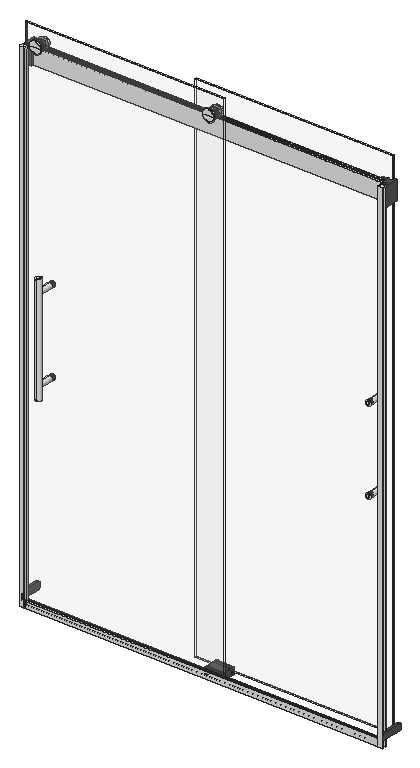
Revit family "Shower-Shower_Door-KOHLER-Levity_Plus-K-702429_1", category Specialty Equipment, host Face, Revit 2022 (continued)
Definition of nested family "K-702429"
  Lines and regions (in)
    symbolic lines, detail levels medium+fine
      curve 216: line (21.23835, 2.11583, 32.52758) -> (21.23835, 2.11583, 33.32571)
      curve 217: line (21.23835, 2.14982, 45.56157) -> (21.23835, 2.14982, 46.29173)
      curve 218: line (21.23835, 2.11583, 45.52758) -> (21.23835, 2.11583, 46.32571)
      curve 219: line (21.23835, 2.46732, 0.70459) -> (21.23835, 2.46732, 1.05663)
      curve 220: line (21.23835, 2.21232, 0.70459) -> (21.23835, 2.21232, 1.05663)
      curve 221: line (21.23835, 0.64469, 0.72015) -> (21.23835, 0.64469, 1.05663)
      curve 222: line (21.23835, 0.38969, 0.72015) -> (21.23835, 0.38969, 1.05663)
      curve 223: line (21.23835, 0.32797, 0.72015) -> (21.23835, 0.32797, 1.05663)
      curve 224: line (21.23835, 2.21232, 78.36942) -> (21.23835, 2.21232, 81.61417)
      curve 225: line (21.23835, 0.32719, 79.48112) -> (21.23835, 0.32719, 78.40592)
      curve 226: line (21.23835, 0.64469, 78.36942) -> (21.23835, 0.64469, 81.61417)
      curve 227: line (21.23835, 0.38969, 78.36942) -> (21.23835, 0.38969, 81.61417)
      curve 228: line (21.23835, 0.64469, 2.13263) -> (21.23835, 0.64469, 75.39408)
      curve 229: line (21.23835, 0.38969, 2.13263) -> (21.23835, 0.38969, 75.39335)
      curve 230: line (21.23835, 0.32797, 2.13263) -> (21.23835, 0.32797, 75.39553)
      curve 231: line (21.23835, 2.46732, 2.13263) -> (21.23835, 2.46732, 81.61417)
      curve 232: line (21.23835, 2.21232, 2.13263) -> (21.23835, 2.21232, 75.38594)
  Dimensions and locks (in)
    "Walk Thru": plane 7 to plane 3 "Center (Left/Right)"
    locked: plane 8 to plane 7 at 0.77715
    plane 3 "Center (Left/Right)" to plane 6 = 31.3134"
    "Width": plane 8 to plane 6
    locked: plane 7 to plane 9 "E" at 3.28921
    locked: plane 17 "C" to plane 9 "E" at 1.75
    locked: plane 8 to plane 19 at 0.34046
    locked: plane 18 "D" to plane 9 "E" at 25.2506
    plane 20 "AB" to level = 77.55906"
    plane 1 "Center (Front/Back)" to plane 21 = 4.98031"
    plane 21 to plane 22 = 0.4252"
    plane 21 to plane 13 = 7.08661"
    plane 13 to plane 16 = 0.43307"
    plane 23 to level = 81.61417"
    locked: plane 5 to plane 15 at 2.02611
    locked: plane 5 to plane 4 at 17.00787
    locked: plane 14 to plane 4 at 1.98177
    plane 4 to level = 30.94488"
    plane 25 to level = 75.66929"
    plane 26 to plane 25 = 2.55906"
    aligned and locked: plane 2 to level
    aligned and locked: plane 7 to Extrusion 5
    aligned and locked: plane 7 to Extrusion 8
    aligned and locked: plane 8 to Extrusion 18 sketch curve
    aligned and locked: plane 8 to Extrusion 19
    aligned and locked: plane 19 to Extrusion 19
    aligned and locked: plane 7 to Extrusion 20 sketch curve
    aligned and locked: plane 8 to Extrusion 20 sketch curve
    aligned and locked: plane 19 to Extrusion 22 sketch curve
    aligned and locked: Extrusion 10 to Masking region 1 sketch curve
    aligned and locked: Masking region 2 sketch curve to plane 8
    aligned and locked: Masking region 2 sketch curve to plane 7
    aligned and locked: plane 8 to Masking region 3 sketch curve
    aligned and locked: Extrusion 10 to Masking region 3 sketch curve  (x2)
    aligned and locked: Revolve 13 to Masking region 4 sketch curve
    aligned and locked: plane 19 to Masking region 4 sketch curve
    aligned and locked: plane 7 to Extrusion 31
    aligned and locked: Masking region 3 to curve 206
    aligned and locked: Masking region 3 to curve 207
    aligned and locked: Masking region 3 to curve 179
    aligned and locked: Masking region 4 sketch curve to Extrusion 22
    aligned and locked: Masking region 4 to curve 191
    aligned and locked: curve 191 to Masking region 4
    aligned and locked: curve 196 to Masking region 4
    aligned and locked: Masking region 4 to curve 196
    aligned and locked: Masking region 4 to curve 195  (x2)
    aligned and locked: Masking region 4 to curve 201
    aligned and locked: curve 201 to Masking region 4
    aligned and locked: curve 194 to Masking region 4
    aligned and locked: Masking region 4 to curve 194
  Automatic sketch dimensions
    Extrusion 1 sketch curve to plane 6 = 0"
    Extrusion 1 sketch curve to Extrusion 1 sketch curve = 0.03079"
    plane 6 to Extrusion 1 sketch curve = 0.0315"
    Extrusion 1 sketch curve to Extrusion 1 sketch curve = 0.2541"
    Extrusion 1 sketch curve to Extrusion 1 sketch curve = 0.25668"
    plane 6 to Extrusion 1 sketch curve = 81/256"
    Extrusion 1 sketch curve to Extrusion 1 sketch curve = 0.0315"  (x2)
    Extrusion 1 sketch curve to Extrusion 1 sketch curve = 0.60218"
    Extrusion 1 sketch curve to Extrusion 1 sketch curve = 0.03039"
    Extrusion 1 sketch curve to plane 1 "Center (Front/Back)" = 0.35413"
    Extrusion 1 sketch curve to Extrusion 1 sketch curve = 0.47171"
    Extrusion 1 sketch curve to Extrusion 1 sketch curve = 1.10192"
    Extrusion 1 sketch curve to Extrusion 1 sketch curve = 0.00743"
    Extrusion 1 sketch curve to Extrusion 1 sketch curve = 0.34229"
    Extrusion 2 sketch curve to plane 6 = 0"  (x2)
    plane 1 "Center (Front/Back)" to Extrusion 2 sketch curve = 0"  (x2)
    plane 6 to Extrusion 2 sketch curve = 0.05752"  (x2)
    plane 6 to Extrusion 2 sketch curve = 0.18908"
    Extrusion 2 sketch curve to Extrusion 2 sketch curve = 0.04131"
    Extrusion 2 sketch curve to Extrusion 2 sketch curve = 0.09136"
    Extrusion 2 sketch curve to Extrusion 2 sketch curve = 0.19461"  (x2)
    Extrusion 2 sketch curve to Extrusion 2 sketch curve = 0.14115"  (x2)
    plane 1 "Center (Front/Back)" to Extrusion 2 sketch curve = 0.32797"
    Extrusion 2 sketch curve to Extrusion 2 sketch curve = 0.00361"  (x2)
    Extrusion 2 sketch curve to Extrusion 2 sketch curve = 0.10339"
    plane 1 "Center (Front/Back)" to Extrusion 2 sketch curve = 0.30702"
    Extrusion 2 sketch curve to Extrusion 2 sketch curve = 0.03454"  (x2)
    Extrusion 2 sketch curve to Extrusion 2 sketch curve = 0.01994"  (x2)
    Extrusion 2 sketch curve to Extrusion 2 sketch curve = 0.04271"  (x2)
    Extrusion 2 sketch curve to Extrusion 2 sketch curve = 0.06265"
    Extrusion 2 sketch curve to plane 1 "Center (Front/Back)" = 0.20982"
    Extrusion 2 sketch curve to Extrusion 2 sketch curve = 0"
    Extrusion 2 sketch curve to plane 1 "Center (Front/Back)" = 0.22464"
    Extrusion 3 sketch curve to plane 6 = 0"
    Extrusion 3 sketch curve to Extrusion 3 sketch curve = 0.05752"  (x2)
    plane 1 "Center (Front/Back)" to Extrusion 3 sketch curve = 0.32797"
    Extrusion 3 sketch curve to Extrusion 3 sketch curve = 0.59999"  (x2)
    Extrusion 3 sketch curve to Extrusion 3 sketch curve = 0.00361"  (x2)
    Extrusion 3 sketch curve to Extrusion 3 sketch curve = 0.10339"
    plane 1 "Center (Front/Back)" to Extrusion 3 sketch curve = 0.30702"
    Extrusion 3 sketch curve to Extrusion 3 sketch curve = 0.05449"  (x2)
    Extrusion 3 sketch curve to plane 1 "Center (Front/Back)" = 0.22464"
    Extrusion 3 sketch curve to plane 1 "Center (Front/Back)" = 0.25253"
    plane 1 "Center (Front/Back)" to Extrusion 4 sketch curve = 0.20982"
    Extrusion 4 sketch curve to Extrusion 4 sketch curve = 0.01972"
    Extrusion 4 sketch curve to Extrusion 4 sketch curve = 0.25882"
    level to Extrusion 4 sketch curve = 1.05663"
    Extrusion 4 sketch curve to Extrusion 4 sketch curve = 0.57809"
    Extrusion 5 sketch curve to level = 0"
    Extrusion 5 sketch curve to plane 1 "Center (Front/Back)" = 0"
    plane 1 "Center (Front/Back)" to Extrusion 5 sketch curve = 0.19878"
    Extrusion 5 sketch curve to plane 1 "Center (Front/Back)" = 3/128"
    Extrusion 5 sketch curve to Extrusion 5 sketch curve = 0.04434"
    Extrusion 5 sketch curve to Extrusion 5 sketch curve = 0.04019"
    Extrusion 5 sketch curve to Extrusion 5 sketch curve = 0.07819"
    Extrusion 5 sketch curve to Extrusion 5 sketch curve = 0.0297"
    Extrusion 5 sketch curve to Extrusion 5 sketch curve = 0.02696"
    level to Extrusion 5 sketch curve = 0.07959"
    Extrusion 5 sketch curve to plane 1 "Center (Front/Back)" = 0.14319"
    Extrusion 5 sketch curve to Extrusion 5 sketch curve = 0.05652"
    Extrusion 5 sketch curve to Extrusion 5 sketch curve = 0.06857"
    Extrusion 5 sketch curve to Extrusion 5 sketch curve = 0.02971"
    Extrusion 5 sketch curve to Extrusion 5 sketch curve = 0.03753"
    Extrusion 5 sketch curve to Extrusion 5 sketch curve = 0.02998"
    Extrusion 5 sketch curve to Extrusion 5 sketch curve = 45/128"
    Extrusion 5 sketch curve to Extrusion 5 sketch curve = 0.34333"
    Extrusion 5 sketch curve to Extrusion 5 sketch curve = 0.07224"
    Extrusion 5 sketch curve to Extrusion 5 sketch curve = 0.01101"
    Extrusion 5 sketch curve to Extrusion 5 sketch curve = 15/128"
    Extrusion 5 sketch curve to Extrusion 5 sketch curve = 0.50603"
    Extrusion 5 sketch curve to Extrusion 5 sketch curve = 0.00157"
    Extrusion 5 sketch curve to Extrusion 5 sketch curve = 0.02425"
    Extrusion 5 sketch curve to Extrusion 5 sketch curve = 0.01999"
    Extrusion 5 sketch curve to Extrusion 5 sketch curve = 0.04542"
    Extrusion 5 sketch curve to Extrusion 5 sketch curve = 0.01816"
    Revolve 6 sketch curve to plane 12 = 0"  (x2)
    Revolve 6 sketch curve to plane 1 "Center (Front/Back)" = 1.79905"
    Revolve 6 sketch curve to Revolve 6 sketch curve = 0.36643"
    Revolve 6 sketch curve to Revolve 6 sketch curve = 0.18701"  (x2)
    Revolve 6 sketch curve to Revolve 6 sketch curve = 0.13646"
    Revolve 6 sketch curve to Revolve 6 sketch curve = 0.19685"  (x2)
    Revolve 6 sketch curve to Revolve 6 sketch curve = 0.35769"
    Revolve 6 sketch curve to plane 1 "Center (Front/Back)" = 0.06827"
    Revolve 6 sketch curve to plane 1 "Center (Front/Back)" = 0.02811"
    plane 1 "Center (Front/Back)" to Revolve 6 sketch curve = 0.09751"
    Revolve 6 sketch curve to Revolve 6 sketch curve = 0.04293"
    plane 12 to Revolve 6 sketch curve = 0.4638"
    plane 12 to Revolve 6 sketch curve = 0.47661"
    Revolve 6 sketch curve to Revolve 6 sketch curve = 0.05951"
    Revolve 6 sketch curve to Revolve 6 sketch curve = 0.21742"
    Revolve 6 sketch curve to Revolve 6 sketch curve = 0.26917"
    Revolve 6 sketch curve to Revolve 6 sketch curve = 0.05219"
    Revolve 6 sketch curve to Revolve 6 sketch curve = 0.23207"
    Revolve 6 sketch curve to Revolve 6 sketch curve = 0.00276"
    Revolve 6 sketch curve to Revolve 6 sketch curve = 0.04017"
    Revolve 6 sketch curve to Revolve 6 sketch curve = 0.98425"
    Revolve 6 sketch curve to Revolve 6 sketch curve = 0"
    Revolve 7 sketch curve to plane 11 = 0"  (x2)
    Revolve 7 sketch curve to plane 1 "Center (Front/Back)" = 1.79905"
    Revolve 7 sketch curve to Revolve 7 sketch curve = 0.36643"
    Revolve 7 sketch curve to Revolve 7 sketch curve = 0.18701"  (x2)
    Revolve 7 sketch curve to Revolve 7 sketch curve = 0.13646"
    Revolve 7 sketch curve to Revolve 7 sketch curve = 0.19685"  (x2)
    Revolve 7 sketch curve to Revolve 7 sketch curve = 0.35769"
    Revolve 7 sketch curve to plane 1 "Center (Front/Back)" = 0.06827"
    Revolve 7 sketch curve to plane 1 "Center (Front/Back)" = 0.02811"
    plane 1 "Center (Front/Back)" to Revolve 7 sketch curve = 0.09751"
    Revolve 7 sketch curve to Revolve 7 sketch curve = 0.04293"
    plane 11 to Revolve 7 sketch curve = 0.4638"
    plane 11 to Revolve 7 sketch curve = 0.47661"
    Revolve 7 sketch curve to Revolve 7 sketch curve = 0.05951"
    Revolve 7 sketch curve to Revolve 7 sketch curve = 0.21742"
    Revolve 7 sketch curve to Revolve 7 sketch curve = 0.26917"
    Revolve 7 sketch curve to Revolve 7 sketch curve = 0.05219"
    Revolve 7 sketch curve to Revolve 7 sketch curve = 0.23207"
    Revolve 7 sketch curve to Revolve 7 sketch curve = 0.00276"
    Revolve 7 sketch curve to Revolve 7 sketch curve = 0.04017"
    Revolve 7 sketch curve to Revolve 7 sketch curve = 0.98425"
    Revolve 7 sketch curve to Revolve 7 sketch curve = 0"
    Extrusion 8 sketch curve to plane 1 "Center (Front/Back)" = 0.97838"
    Extrusion 8 sketch curve to Extrusion 8 sketch curve = 0.04771"
    Extrusion 8 sketch curve to Extrusion 8 sketch curve = 0.19946"
    Extrusion 8 sketch curve to Extrusion 8 sketch curve = 0.06749"
    Extrusion 8 sketch curve to Extrusion 8 sketch curve = 0.07625"
    Extrusion 8 sketch curve to Extrusion 8 sketch curve = 0.10945"
    Extrusion 8 sketch curve to Extrusion 8 sketch curve = 0.00724"
    Extrusion 8 sketch curve to Extrusion 8 sketch curve = 0.01781"
    Extrusion 8 sketch curve to Extrusion 8 sketch curve = 0.07472"
    Extrusion 8 sketch curve to Extrusion 8 sketch curve = 0.26709"
    Extrusion 8 sketch curve to Extrusion 8 sketch curve = 0.25238"
    Extrusion 8 sketch curve to Extrusion 8 sketch curve = 0.11432"
    Extrusion 8 sketch curve to Extrusion 8 sketch curve = 0.167"
    Extrusion 8 sketch curve to Extrusion 8 sketch curve = 0.38221"
    Extrusion 8 sketch curve to Extrusion 8 sketch curve = 0.02708"
    Extrusion 8 sketch curve to Extrusion 8 sketch curve = 0.03426"
    Extrusion 8 sketch curve to Extrusion 8 sketch curve = 0.04358"
    Extrusion 8 sketch curve to Extrusion 8 sketch curve = 0.05805"
    Extrusion 8 sketch curve to Extrusion 8 sketch curve = 0.04965"
    Extrusion 8 sketch curve to Extrusion 8 sketch curve = 0.03062"
    Extrusion 8 sketch curve to Extrusion 8 sketch curve = 0.27127"
    Extrusion 8 sketch curve to Extrusion 8 sketch curve = 0.01337"
    Extrusion 8 sketch curve to Extrusion 8 sketch curve = 1/8"
    Extrusion 8 sketch curve to Extrusion 8 sketch curve = 0.62317"
    Extrusion 8 sketch curve to Extrusion 8 sketch curve = 0.09894"
    Extrusion 8 sketch curve to Extrusion 8 sketch curve = 0.11003"
    Extrusion 8 sketch curve to Extrusion 8 sketch curve = 0.06863"
    Extrusion 8 sketch curve to Extrusion 8 sketch curve = 0.04403"
    Extrusion 8 sketch curve to Extrusion 8 sketch curve = 0.07343"
    Extrusion 8 sketch curve to Extrusion 8 sketch curve = 0.06223"
    Extrusion 10 sketch curve to level = 0"
    Extrusion 10 sketch curve to plane 1 "Center (Front/Back)" = 0.30693"
    Extrusion 10 sketch curve to Extrusion 10 sketch curve = 0.16911"
    Extrusion 10 sketch curve to Extrusion 10 sketch curve = 0.03435"
    Extrusion 10 sketch curve to Extrusion 10 sketch curve = 0.04675"
    Extrusion 10 sketch curve to Extrusion 10 sketch curve = 0.27567"
    Extrusion 10 sketch curve to Extrusion 10 sketch curve = 0.02104"  (x2)
    level to Extrusion 10 sketch curve = 0.22974"  (x2)
    Extrusion 10 sketch curve to Extrusion 10 sketch curve = 0.10752"
    Extrusion 10 sketch curve to Extrusion 10 sketch curve = 0.08964"  (x2)
    Extrusion 10 sketch curve to Extrusion 10 sketch curve = 0.18469"  (x2)
    level to Extrusion 10 sketch curve = 0.22333"  (x2)
    Extrusion 10 sketch curve to Extrusion 10 sketch curve = 0.08608"  (x2)
    Extrusion 10 sketch curve to plane 1 "Center (Front/Back)" = 0.99117"
    Extrusion 10 sketch curve to Extrusion 10 sketch curve = 0.41665"  (x2)
    Extrusion 10 sketch curve to Extrusion 10 sketch curve = 0.04608"  (x2)
    Extrusion 10 sketch curve to Extrusion 10 sketch curve = 1.03242"
    level to Extrusion 10 sketch curve = 1.02412"
    Extrusion 10 sketch curve to Extrusion 10 sketch curve = 0.04197"
    Extrusion 10 sketch curve to Extrusion 10 sketch curve = 0.13366"
    level to Extrusion 10 sketch curve = 1.04611"
    Extrusion 10 sketch curve to Extrusion 10 sketch curve = 0.02291"
    Extrusion 10 sketch curve to Extrusion 10 sketch curve = 0.2467"
    level to Extrusion 10 sketch curve = 0.08994"
    Extrusion 10 sketch curve to Extrusion 10 sketch curve = 0.03772"
    Extrusion 10 sketch curve to Extrusion 10 sketch curve = 0.08809"
    Extrusion 10 sketch curve to Extrusion 10 sketch curve = 0.08169"
    Extrusion 10 sketch curve to Extrusion 10 sketch curve = 0.79837"
    Extrusion 10 sketch curve to Extrusion 10 sketch curve = 0.00241"
    Extrusion 10 sketch curve to Extrusion 10 sketch curve = 0.0012"
    Extrusion 10 sketch curve to Extrusion 10 sketch curve = 0.02268"
    Extrusion 10 sketch curve to Extrusion 10 sketch curve = 0.02105"
    Extrusion 10 sketch curve to Extrusion 10 sketch curve = 0.00037"
    Extrusion 10 sketch curve to Extrusion 10 sketch curve = 1.18136"
    plane 14 to Revolve 11 sketch curve = 0"  (x2)
    Revolve 11 sketch curve to plane 16 = 0.174"
    Revolve 11 sketch curve to plane 1 "Center (Front/Back)" = 0.4133"
    Revolve 11 sketch curve to Revolve 11 sketch curve = 0.34891"
    Revolve 11 sketch curve to Revolve 11 sketch curve = 0.03514"
    Revolve 11 sketch curve to Revolve 11 sketch curve = 0.19072"
    Revolve 11 sketch curve to Revolve 11 sketch curve = 0.03275"
    Revolve 11 sketch curve to plane 14 = 1/4"
    Revolve 11 sketch curve to Revolve 11 sketch curve = 0.11446"
    Revolve 11 sketch curve to Revolve 11 sketch curve = 1/8"
    plane 13 to Revolve 11 sketch curve = 35/128"
    Revolve 11 sketch curve to Revolve 11 sketch curve = 0.51073"
    Revolve 12 sketch curve to plane 13 = 0"
    Revolve 12 sketch curve to plane 4 = 0"
    Revolve 12 sketch curve to plane 5 = 0"
    Revolve 12 sketch curve to plane 16 = 0"  (x2)
    Revolve 12 sketch curve to plane 13 = 0.04993"
    Revolve 12 sketch curve to plane 13 = 0.05514"
    plane 4 to Revolve 12 sketch curve = 0.04993"
    Revolve 12 sketch curve to plane 5 = 0.05514"
    plane 5 to Revolve 12 sketch curve = 0.28607"
    Revolve 12 sketch curve to Revolve 12 sketch curve = 0.3937"
    Revolve 13 sketch curve to Revolve 13 sketch curve = 0.05802"
    Revolve 13 sketch curve to Revolve 13 sketch curve = 0.12991"
    Revolve 13 sketch curve to Revolve 13 sketch curve = 0.23375"
    Revolve 13 sketch curve to Revolve 13 sketch curve = 0.00086"
    Revolve 13 sketch curve to Revolve 13 sketch curve = 0.04165"  (x2)
    Revolve 13 sketch curve to Revolve 13 sketch curve = 0.04078"
    Revolve 13 sketch curve to Revolve 13 sketch curve = 0.12631"
    Revolve 13 sketch curve to Revolve 13 sketch curve = 0.29364"
    Revolve 13 sketch curve to Revolve 13 sketch curve = 0.3614"
    Revolve 13 sketch curve to Revolve 13 sketch curve = 0.25664"
    Revolve 13 sketch curve to Revolve 13 sketch curve = 0.3937"
    Revolve 13 sketch curve to Revolve 13 sketch curve = 0.50511"
    Revolve 14 sketch curve to Revolve 14 sketch curve = 0.05802"
    Revolve 14 sketch curve to Revolve 14 sketch curve = 0.12991"
    Revolve 14 sketch curve to Revolve 14 sketch curve = 0.23375"
    Revolve 14 sketch curve to Revolve 14 sketch curve = 0.00086"
    Revolve 14 sketch curve to Revolve 14 sketch curve = 0.04165"  (x2)
    Revolve 14 sketch curve to Revolve 14 sketch curve = 0.04078"
    Revolve 14 sketch curve to Revolve 14 sketch curve = 0.12631"
    Revolve 14 sketch curve to Revolve 14 sketch curve = 0.29364"
    Revolve 14 sketch curve to Revolve 14 sketch curve = 0.3614"
    Revolve 14 sketch curve to Revolve 14 sketch curve = 0.25664"
    Revolve 14 sketch curve to Revolve 14 sketch curve = 0.3937"
    Revolve 14 sketch curve to Revolve 14 sketch curve = 0.50511"
    plane 15 to Revolve 15 sketch curve = 0"  (x2)
    Revolve 15 sketch curve to plane 15 = 1/4"
    Revolve 15 sketch curve to Revolve 15 sketch curve = 0.11446"
    Revolve 15 sketch curve to Revolve 15 sketch curve = 0.00238"
    Revolve 15 sketch curve to Revolve 15 sketch curve = 1/8"
    Revolve 15 sketch curve to Revolve 15 sketch curve = 0.03514"
    Revolve 15 sketch curve to Revolve 15 sketch curve = 0.34891"
    Revolve 15 sketch curve to Revolve 15 sketch curve = 0.19072"
    Revolve 15 sketch curve to Revolve 15 sketch curve = 0.51073"
    plane 14 to Revolve 16 sketch curve = 0"  (x2)
    Revolve 16 sketch curve to plane 14 = 1/4"
    Revolve 16 sketch curve to Revolve 16 sketch curve = 0.11446"
    Revolve 16 sketch curve to Revolve 16 sketch curve = 0.00238"
    Revolve 16 sketch curve to Revolve 16 sketch curve = 1/8"
    Revolve 16 sketch curve to Revolve 16 sketch curve = 0.03514"
    Revolve 16 sketch curve to Revolve 16 sketch curve = 0.3477"
    Revolve 16 sketch curve to Revolve 16 sketch curve = 0.19072"
    Revolve 16 sketch curve to Revolve 16 sketch curve = 0.51073"
    plane 1 "Center (Front/Back)" to Extrusion 19 sketch curve = 0.23901"
    Extrusion 19 sketch curve to Extrusion 19 sketch curve = 0.01972"
    Extrusion 19 sketch curve to Extrusion 19 sketch curve = 0.25882"
    level to Extrusion 19 sketch curve = 2.13263"
    Extrusion 19 sketch curve to Extrusion 19 sketch curve = 0.57809"
    Masking region 1 sketch curve to plane 5 = 0"  (x2)
    Masking region 1 sketch curve to plane 13 = 0"
    plane 15 to Masking region 1 sketch curve = 0"  (x2)
    plane 14 to Masking region 1 sketch curve = 0"  (x2)
    Masking region 1 sketch curve to plane 4 = 0"  (x2)
    Masking region 1 sketch curve to level = 0"  (x2)
    plane 1 "Center (Front/Back)" to Masking region 1 sketch curve = 0.09747"
    Masking region 1 sketch curve to Masking region 1 sketch curve = 0.04099"
    Masking region 1 sketch curve to Masking region 1 sketch curve = 11/256"  (x2)
    Masking region 1 sketch curve to Masking region 1 sketch curve = 0"  (x9)
    Masking region 1 sketch curve to Masking region 1 sketch curve = 0.05219"
    Masking region 1 sketch curve to plane 1 "Center (Front/Back)" = 0.06827"
    Masking region 1 sketch curve to Masking region 1 sketch curve = 0.23405"
    Masking region 1 sketch curve to Masking region 1 sketch curve = 0.04123"
    Masking region 1 sketch curve to Masking region 1 sketch curve = 0.04078"  (x4)
    Masking region 1 sketch curve to Masking region 1 sketch curve = 0.04165"  (x4)
    Masking region 1 sketch curve to Masking region 1 sketch curve = 0.23375"  (x2)
    Masking region 1 sketch curve to plane 5 = 0.03637"  (x2)
    Masking region 1 sketch curve to plane 5 = 0.05514"  (x2)
    Masking region 1 sketch curve to plane 15 = 0.39907"
    Masking region 1 sketch curve to plane 15 = 3/8"  (x2)
    Masking region 1 sketch curve to Masking region 1 sketch curve = 0.03133"  (x8)
    Masking region 1 sketch curve to Masking region 1 sketch curve = 0.03399"  (x7)
    Masking region 1 sketch curve to Masking region 1 sketch curve = 0.11558"  (x4)
    plane 15 to Masking region 1 sketch curve = 0.2495"
    Masking region 1 sketch curve to Masking region 1 sketch curve = 0.00266"  (x4)
    plane 15 to Masking region 1 sketch curve = 3/8"  (x2)
    Masking region 1 sketch curve to plane 14 = 0.39907"
    Masking region 1 sketch curve to plane 14 = 3/8"  (x2)
    plane 14 to Masking region 1 sketch curve = 3/8"  (x2)
    plane 4 to Masking region 1 sketch curve = 0.04993"  (x2)
    plane 4 to Masking region 1 sketch curve = 0.03117"  (x2)
    Masking region 1 sketch curve to Masking region 1 sketch curve = 0.25882"
    Masking region 1 sketch curve to Masking region 1 sketch curve = 0.57809"
    Masking region 1 sketch curve to Masking region 1 sketch curve = 0.23909"
    level to Masking region 1 sketch curve = 1.05663"
    Masking region 1 sketch curve to Masking region 1 sketch curve = 0.03251"
    Masking region 1 sketch curve to Masking region 1 sketch curve = 0.00241"
    level to Masking region 1 sketch curve = 0.2313"  (x2)
    Masking region 1 sketch curve to Masking region 1 sketch curve = 0.00156"  (x2)
    Masking region 1 sketch curve to Masking region 1 sketch curve = 0.00346"  (x2)
    Masking region 1 sketch curve to Masking region 1 sketch curve = 0.00451"  (x2)
    level to Masking region 1 sketch curve = 0.16201"
    Masking region 1 sketch curve to Masking region 1 sketch curve = 0.08966"
    Masking region 1 sketch curve to Masking region 1 sketch curve = 0.0862"
    Masking region 1 sketch curve to Masking region 1 sketch curve = 0.03435"
    Masking region 1 sketch curve to Masking region 1 sketch curve = 0.03772"
    level to Masking region 1 sketch curve = 0.08036"
    Masking region 1 sketch curve to Masking region 1 sketch curve = 0.01035"
    Masking region 1 sketch curve to Masking region 1 sketch curve = 0.03117"  (x2)
    Masking region 1 sketch curve to Masking region 1 sketch curve = 0.12631"  (x2)
    Masking region 1 sketch curve to Masking region 1 sketch curve = 0.52103"
    Masking region 1 sketch curve to Masking region 1 sketch curve = 0.19815"
    Masking region 1 sketch curve to Masking region 1 sketch curve = 0.17689"
    Masking region 1 sketch curve to Masking region 1 sketch curve = 0.27433"
    Masking region 1 sketch curve to Masking region 1 sketch curve = 0.29315"
    Masking region 1 sketch curve to Masking region 1 sketch curve = 0.03187"
    Masking region 1 sketch curve to Masking region 1 sketch curve = 0.36643"
    Masking region 1 sketch curve to Masking region 1 sketch curve = 0.18701"
    Masking region 1 sketch curve to Masking region 1 sketch curve = 0.0752"
    Masking region 1 sketch curve to Masking region 1 sketch curve = 0.03015"
    Masking region 1 sketch curve to Masking region 1 sketch curve = 0.85245"
    Masking region 1 sketch curve to Masking region 1 sketch curve = 0.01285"
    Masking region 1 sketch curve to Masking region 1 sketch curve = 0.13646"
    Masking region 1 sketch curve to Masking region 1 sketch curve = 0.19286"  (x4)
    Masking region 1 sketch curve to Masking region 1 sketch curve = 0.05502"  (x4)
    Masking region 1 sketch curve to plane 1 "Center (Front/Back)" = 0.70719"
    Masking region 1 sketch curve to Masking region 1 sketch curve = 0.18469"
    Masking region 1 sketch curve to Masking region 1 sketch curve = 0.06077"
    Masking region 1 sketch curve to Masking region 1 sketch curve = 0.04675"
    Masking region 1 sketch curve to Masking region 1 sketch curve = 0.05319"
    Masking region 1 sketch curve to Masking region 1 sketch curve = 0.38"  (x6)
    Masking region 1 sketch curve to Masking region 1 sketch curve = 0.14848"
    Masking region 1 sketch curve to plane 1 "Center (Front/Back)" = 0.02728"
    plane 1 "Center (Front/Back)" to Masking region 1 sketch curve = 0.19878"
    plane 1 "Center (Front/Back)" to Masking region 1 sketch curve = 0.32803"  (x3)
    Masking region 1 sketch curve to plane 16 = 0.44363"  (x3)
    Masking region 1 sketch curve to Masking region 1 sketch curve = 0.04993"
    Masking region 1 sketch curve to Masking region 1 sketch curve = 0.05514"
    Masking region 1 sketch curve to plane 13 = 0.05514"
    Masking region 1 sketch curve to plane 13 = 0.04993"
    plane 15 to Revolve 23 sketch curve = 0"  (x2)
    Revolve 23 sketch curve to plane 16 = 0.174"
    Revolve 23 sketch curve to plane 1 "Center (Front/Back)" = 0.4133"
    Revolve 23 sketch curve to Revolve 23 sketch curve = 0.34891"
    Revolve 23 sketch curve to Revolve 23 sketch curve = 0.03514"
    Revolve 23 sketch curve to Revolve 23 sketch curve = 0.19072"
    Revolve 23 sketch curve to Revolve 23 sketch curve = 0.03275"
    Revolve 23 sketch curve to plane 15 = 1/4"
    Revolve 23 sketch curve to Revolve 23 sketch curve = 0.11446"
    Revolve 23 sketch curve to Revolve 23 sketch curve = 1/8"
    plane 13 to Revolve 23 sketch curve = 35/128"
    Revolve 23 sketch curve to Revolve 23 sketch curve = 0.51073"
    Extrusion 24 sketch curve to plane 6 = 0"
    Extrusion 24 sketch curve to plane 1 "Center (Front/Back)" = 0.32797"
    plane 1 "Center (Front/Back)" to Extrusion 24 sketch curve = 0.32797"
    Extrusion 24 sketch curve to Extrusion 24 sketch curve = 0.76451"
    Revolve 25 sketch curve to plane 11 = 0"  (x2)
    Revolve 25 sketch curve to Revolve 25 sketch curve = 0.19685"  (x2)
    Revolve 25 sketch curve to Revolve 25 sketch curve = 0.13646"
    Revolve 25 sketch curve to Revolve 25 sketch curve = 0.37402"
    Revolve 25 sketch curve to Revolve 25 sketch curve = 0.36643"
    Revolve 25 sketch curve to plane 1 "Center (Front/Back)" = 0.06827"
    plane 1 "Center (Front/Back)" to Revolve 25 sketch curve = 0.14044"
    plane 11 to Revolve 25 sketch curve = 0.53612"
    Revolve 25 sketch curve to Revolve 25 sketch curve = 0.12453"
    Revolve 25 sketch curve to Revolve 25 sketch curve = 0.15792"
    Revolve 25 sketch curve to Revolve 25 sketch curve = 0.07232"
    Revolve 25 sketch curve to Revolve 25 sketch curve = 0.05219"
    Revolve 25 sketch curve to Revolve 25 sketch curve = 0.275"
    Revolve 25 sketch curve to Revolve 25 sketch curve = 0.31118"
    Revolve 26 sketch curve to plane 12 = 0"  (x2)
    Revolve 26 sketch curve to plane 1 "Center (Front/Back)" = 1.79905"
    Revolve 26 sketch curve to Revolve 26 sketch curve = 0.36643"
    Revolve 26 sketch curve to Revolve 26 sketch curve = 0.37402"
    Revolve 26 sketch curve to Revolve 26 sketch curve = 0.13646"
    Revolve 26 sketch curve to Revolve 26 sketch curve = 0.19685"  (x2)
    Revolve 26 sketch curve to plane 1 "Center (Front/Back)" = 0.06827"
    plane 1 "Center (Front/Back)" to Revolve 26 sketch curve = 0.14044"
    plane 12 to Revolve 26 sketch curve = 0.53612"
    Revolve 26 sketch curve to Revolve 26 sketch curve = 0.12453"
    Revolve 26 sketch curve to Revolve 26 sketch curve = 0.15792"
    Revolve 26 sketch curve to Revolve 26 sketch curve = 0.07232"
    Revolve 26 sketch curve to Revolve 26 sketch curve = 0.05219"
    Revolve 26 sketch curve to Revolve 26 sketch curve = 0.275"
    Revolve 26 sketch curve to Revolve 26 sketch curve = 0.31118"
    Extrusion 27 sketch curve to plane 10 "B" = 0"  (x2)
    Extrusion 27 sketch curve to plane 14 = 0"
    Extrusion 27 sketch curve to plane 15 = 0"
    Extrusion 28 sketch curve to plane 10 "B" = 0"
    plane 16 to Extrusion 28 sketch curve = 0"
    Revolve 17 sketch curve to plane 4 = 0"
    Revolve 17 sketch curve to plane 5 = 0"
    plane 4 to Revolve 17 sketch curve = 0.03117"
    Revolve 17 sketch curve to plane 5 = 0.03637"
    plane 5 to Revolve 17 sketch curve = 0.28607"
    Revolve 17 sketch curve to Revolve 17 sketch curve = 0.3937"  (x2)
    plane 15 to Revolve 29 sketch curve = 0"  (x2)
    Revolve 29 sketch curve to plane 15 = 3/8"
    Revolve 29 sketch curve to plane 1 "Center (Front/Back)" = 1.87284"
    Revolve 29 sketch curve to Revolve 29 sketch curve = 1.1811"  (x2)
    plane 14 to Revolve 30 sketch curve = 0"  (x2)
    Revolve 30 sketch curve to plane 14 = 3/8"
    Revolve 30 sketch curve to plane 1 "Center (Front/Back)" = 1.87284"
    Revolve 30 sketch curve to Revolve 30 sketch curve = 1.1811"  (x2)
    Extrusion 18 sketch curve to Extrusion 18 sketch curve = 0.10187"
    Extrusion 18 sketch curve to plane 19 = 0.03713"
    Extrusion 18 sketch curve to Extrusion 18 sketch curve = 0.20309"
    plane 19 to Extrusion 18 sketch curve = 0.05161"
    Extrusion 18 sketch curve to Extrusion 18 sketch curve = 0.06158"
    Extrusion 18 sketch curve to plane 7 = 0.21268"
    Extrusion 18 sketch curve to plane 1 "Center (Front/Back)" = 0.96774"
    Extrusion 18 sketch curve to Extrusion 18 sketch curve = 0.06723"
    plane 19 to Extrusion 18 sketch curve = 0.01208"
    Extrusion 18 sketch curve to Extrusion 18 sketch curve = 0.06013"
    Extrusion 18 sketch curve to plane 1 "Center (Front/Back)" = 0.37453"
    Extrusion 18 sketch curve to plane 19 = 0.03488"
    Extrusion 20 sketch curve to plane 8 = 0"
    Extrusion 20 sketch curve to plane 1 "Center (Front/Back)" = 0.32756"
    Extrusion 20 sketch curve to Extrusion 20 sketch curve = 0.07874"  (x2)
    plane 1 "Center (Front/Back)" to Extrusion 20 sketch curve = 0.23901"
    plane 7 to Extrusion 20 sketch curve = 0.07874"
    Extrusion 21 sketch curve to plane 7 = 0"
    Extrusion 21 sketch curve to plane 8 = 0"
    plane 1 "Center (Front/Back)" to Extrusion 21 sketch curve = 0.31775"
    Extrusion 21 sketch curve to plane 1 "Center (Front/Back)" = 0.32756"
    Masking region 2 sketch curve to plane 6 = 0"
    Masking region 2 sketch curve to level = 0"
    Masking region 2 sketch curve to plane 19 = 0"
    plane 6 to Masking region 2 sketch curve = 0.32149"
    plane 6 to Masking region 2 sketch curve = 0.32175"
    level to Masking region 2 sketch curve = 0.07959"
    Masking region 2 sketch curve to Masking region 2 sketch curve = 0.08036"
    Masking region 4 sketch curve to plane 9 "E" = 0"  (x2)
    Masking region 4 sketch curve to plane 17 "C" = 0"
    Masking region 4 sketch curve to plane 18 "D" = 0"  (x2)
    Masking region 4 sketch curve to Masking region 4 sketch curve = 0.04069"  (x4)
    Masking region 4 sketch curve to Masking region 4 sketch curve = 0.04144"  (x3)
    Masking region 4 sketch curve to Masking region 4 sketch curve = 1/8"  (x2)
    Masking region 4 sketch curve to Masking region 4 sketch curve = 0.1265"  (x2)
    Masking region 4 sketch curve to Masking region 4 sketch curve = 0.04155"  (x3)
    Masking region 4 sketch curve to Masking region 4 sketch curve = 0.04231"  (x4)
    Masking region 4 sketch curve to Masking region 4 sketch curve = 0.03091"  (x4)
    Masking region 4 sketch curve to Masking region 4 sketch curve = 0.22244"  (x2)
    Masking region 4 sketch curve to Masking region 4 sketch curve = 0.22315"  (x2)
    plane 18 "D" to Masking region 4 sketch curve = 0.93949"
    Masking region 4 sketch curve to Masking region 4 sketch curve = 0.16185"
    Masking region 4 sketch curve to Masking region 4 sketch curve = 0.23375"  (x4)
    Masking region 4 sketch curve to Masking region 4 sketch curve = 0.00086"  (x2)
    Masking region 4 sketch curve to plane 9 "E" = 0.39889"
    Masking region 4 sketch curve to Masking region 4 sketch curve = 0.61502"
    Extrusion 31 sketch curve to plane 1 "Center (Front/Back)" = 0.97838"
    Extrusion 31 sketch curve to Extrusion 31 sketch curve = 0.94794"
    Revolve 32 sketch curve to plane 4 = 0"
    Revolve 32 sketch curve to plane 5 = 0"
    Revolve 32 sketch curve to Revolve 32 sketch curve = 0.69979"
    Revolve 32 sketch curve to Revolve 32 sketch curve = 0.59055"
    plane 20 "AB" to Masking region 2 sketch curve = 0.83192"
    Extrusion 8 sketch curve to Extrusion 8 sketch curve = 0.01983"
    Extrusion 8 sketch curve to Extrusion 8 sketch curve = 0.22281"
    Extrusion 8 sketch curve to Extrusion 8 sketch curve = 0.05988"
    Extrusion 8 sketch curve to Extrusion 8 sketch curve = 0.08881"
    Extrusion 8 sketch curve to Extrusion 8 sketch curve = 0.06732"
    Extrusion 8 sketch curve to Extrusion 8 sketch curve = 0.04204"
    Extrusion 8 sketch curve to Extrusion 8 sketch curve = 1.45984"
    Revolve 13 sketch curve to Revolve 13 sketch curve = 0.66419"
    Revolve 13 sketch curve to Revolve 13 sketch curve = 0"
    Revolve 14 sketch curve to Revolve 14 sketch curve = 0.66419"
    Revolve 14 sketch curve to Revolve 14 sketch curve = 0"
    Extrusion 31 sketch curve to Extrusion 31 sketch curve = 2.55906"
    Revolve 15 sketch curve to Revolve 15 sketch curve = 0.70992"
    Revolve 16 sketch curve to Revolve 16 sketch curve = 0.70992"
    Revolve 17 sketch curve to Revolve 17 sketch curve = 0.3885"
    Revolve 17 sketch curve to Revolve 17 sketch curve = 0.03637"
    Masking region 1 sketch curve to Masking region 1 sketch curve = 0.03637"  (x2)
    Revolve 32 sketch curve to Revolve 32 sketch curve = 0.42487"
    Extrusion 4 sketch curve to plane 1 "Center (Front/Back)" = 2.917"
    Revolve 13 sketch curve to plane 1 "Center (Front/Back)" = 3.03171"
    Revolve 14 sketch curve to plane 1 "Center (Front/Back)" = 3.03171"
    Revolve 15 sketch curve to plane 1 "Center (Front/Back)" = 4.48527"
    Revolve 15 sketch curve to Revolve 15 sketch curve = 2.00414"
    Revolve 16 sketch curve to plane 1 "Center (Front/Back)" = 4.48527"
    Revolve 16 sketch curve to Revolve 16 sketch curve = 2.00534"
    Revolve 17 sketch curve to plane 1 "Center (Front/Back)" = 4.97999"
    Revolve 17 sketch curve to Revolve 17 sketch curve = 0"
    Extrusion 18 sketch curve to Extrusion 18 sketch curve = 0.98126"
    Extrusion 19 sketch curve to plane 1 "Center (Front/Back)" = 2.917"
    Masking region 1 sketch curve to Masking region 1 sketch curve = 0.75538"
    Masking region 1 sketch curve to Masking region 1 sketch curve = 0.777"
    Revolve 29 sketch curve to Revolve 29 sketch curve = 2.60409"
    Revolve 30 sketch curve to Revolve 30 sketch curve = 2.60409"
    plane 9 "E" to Masking region 4 sketch curve = 0.37454"
    Masking region 4 sketch curve to Masking region 4 sketch curve = 0.20058"
    Revolve 32 sketch curve to plane 1 "Center (Front/Back)" = 4.97999"
    Revolve 32 sketch curve to Revolve 32 sketch curve = 0"
    plane 20 "AB" to Masking region 2 sketch curve = 4.05512"
    Extrusion 8 sketch curve to plane 20 "AB" = 1.9685"
    plane 20 "AB" to Revolve 13 sketch curve = 0.05118"
    plane 20 "AB" to Revolve 14 sketch curve = 0.05118"
    plane 20 "AB" to Masking region 1 sketch curve = 2.19711"
    plane 20 "AB" to Masking region 2 sketch curve = 0.84687"
    Extrusion 31 sketch curve to plane 20 "AB" = 1.9685"
    Extrusion 9 sketch curve to plane 1 "Center (Front/Back)" = 0.70719"
    Extrusion 9 sketch curve to Extrusion 9 sketch curve = 1/16"  (x4)
    Extrusion 9 sketch curve to Extrusion 9 sketch curve = 0.255"
    plane 3 "Center (Left/Right)" to Extrusion 9 sketch curve = 0.02314"
    Extrusion 9 sketch curve to Extrusion 9 sketch curve = 0.3175"
    Extrusion 9 sketch curve to plane 3 "Center (Left/Right)" = 0.03936"  (x2)
    plane 6 to Extrusion 9 sketch curve = 0.39905"
    Extrusion 9 sketch curve to Extrusion 9 sketch curve = 0"
    Revolve 25 sketch curve to Revolve 25 sketch curve = 0.65703"
    plane 19 to Extrusion 22 sketch curve = 1/16"  (x2)
    plane 18 "D" to Extrusion 22 sketch curve = 1.91511"
    Extrusion 22 sketch curve to Extrusion 22 sketch curve = 0"
    Extrusion 22 sketch curve to Extrusion 22 sketch curve = 1/16"  (x5)
    Extrusion 22 sketch curve to Extrusion 22 sketch curve = 0.255"
    Extrusion 22 sketch curve to plane 22 = 2.0253"
    Masking region 4 sketch curve to Masking region 4 sketch curve = 1/16"  (x6)
    Masking region 4 sketch curve to Masking region 4 sketch curve = 0.255"
    Masking region 4 sketch curve to Masking region 4 sketch curve = 0.29315"  (x3)
    Masking region 4 sketch curve to plane 18 "D" = 0.66419"
    Masking region 4 sketch curve to Masking region 4 sketch curve = 0.0719"  (x2)
    Masking region 4 sketch curve to plane 22 = 0.20025"
    plane 9 "E" to Masking region 4 sketch curve = 0.36798"  (x2)
    Masking region 4 sketch curve to Masking region 4 sketch curve = 0"  (x2)
    plane 22 to Masking region 4 sketch curve = 0.00033"
    Masking region 4 sketch curve to Masking region 4 sketch curve = 0.19153"
    Masking region 4 sketch curve to Masking region 4 sketch curve = 0.3347"
    Masking region 4 sketch curve to plane 22 = 1.52341"
    Masking region 4 sketch curve to Masking region 4 sketch curve = 0.43521"
    Masking region 4 sketch curve to plane 17 "C" = 0.66419"
    Masking region 4 sketch curve to Masking region 4 sketch curve = 0.38"
    plane 19 to Masking region 4 sketch curve = 1/16"  (x2)
    Masking region 3 sketch curve to plane 6 = 0"
    Masking region 3 sketch curve to plane 10 "B" = 0"
    Masking region 3 sketch curve to plane 7 = 0"  (x2)
    Masking region 3 sketch curve to plane 19 = 0"
    plane 16 to Masking region 3 sketch curve = 0"
    plane 6 to Masking region 3 sketch curve = 0.32153"
    plane 6 to Masking region 3 sketch curve = 0.32175"
    Masking region 3 sketch curve to Masking region 3 sketch curve = 0.01501"
    Masking region 3 sketch curve to Masking region 3 sketch curve = 0.0299"
    plane 1 "Center (Front/Back)" to Masking region 3 sketch curve = 0.19878"  (x2)
    Masking region 3 sketch curve to Masking region 3 sketch curve = 0.60192"
    Masking region 3 sketch curve to Masking region 3 sketch curve = 0.66199"
    Masking region 3 sketch curve to Masking region 3 sketch curve = 0.03039"
    Masking region 3 sketch curve to Masking region 3 sketch curve = 0.59804"
    Masking region 3 sketch curve to Masking region 3 sketch curve = 0.19685"  (x2)
    Masking region 3 sketch curve to plane 11 = 0.53612"
    Masking region 3 sketch curve to plane 10 "B" = 0.39985"
    Masking region 3 sketch curve to plane 10 "B" = 0.37476"
    Masking region 3 sketch curve to Masking region 3 sketch curve = 0.03752"  (x2)
    Masking region 3 sketch curve to Masking region 3 sketch curve = 0.11233"  (x2)
    plane 10 "B" to Masking region 3 sketch curve = 1/4"
    plane 10 "B" to Masking region 3 sketch curve = 0.37476"
    Masking region 3 sketch curve to plane 3 "Center (Left/Right)" = 0.34077"  (x2)
    Masking region 3 sketch curve to plane 7 = 0.21183"
    Masking region 3 sketch curve to plane 7 = 0.20841"
    Masking region 3 sketch curve to Masking region 3 sketch curve = 0.05731"
    Masking region 3 sketch curve to Masking region 3 sketch curve = 17/256"
    plane 19 to Masking region 3 sketch curve = 0.07221"
    plane 19 to Masking region 3 sketch curve = 0.05161"
    plane 19 to Masking region 3 sketch curve = 0.01208"
    Masking region 3 sketch curve to plane 19 = 0.03488"
    Masking region 3 sketch curve to plane 16 = 0.23741"
    plane 1 "Center (Front/Back)" to Masking region 3 sketch curve = 0.32797"
    plane 1 "Center (Front/Back)" to Masking region 3 sketch curve = 0.31775"
    Masking region 3 sketch curve to plane 1 "Center (Front/Back)" = 0.32756"
    Masking region 3 sketch curve to Masking region 3 sketch curve = 0.05502"  (x2)
    Masking region 3 sketch curve to Masking region 3 sketch curve = 0.46585"
    Masking region 3 sketch curve to Masking region 3 sketch curve = 0.00293"
    Masking region 3 sketch curve to Masking region 3 sketch curve = 0.06723"
    Masking region 3 sketch curve to Masking region 3 sketch curve = 0.17865"
    Masking region 3 sketch curve to Masking region 3 sketch curve = 0.05623"
    Masking region 3 sketch curve to Masking region 3 sketch curve = 0.05915"
    Masking region 3 sketch curve to Masking region 3 sketch curve = 0.9481"  (x2)
    Masking region 3 sketch curve to Masking region 3 sketch curve = 0.02252"
    Masking region 3 sketch curve to Masking region 3 sketch curve = 0.09468"
    Masking region 3 sketch curve to Masking region 3 sketch curve = 0.01655"
    Masking region 3 sketch curve to Masking region 3 sketch curve = 0.00737"
    Masking region 3 sketch curve to Masking region 3 sketch curve = 0.86748"
    Masking region 3 sketch curve to Masking region 3 sketch curve = 1.07649"
    Masking region 3 sketch curve to Masking region 3 sketch curve = 1.14729"
    Masking region 3 sketch curve to Masking region 3 sketch curve = 1/16"
    Masking region 3 sketch curve to Masking region 3 sketch curve = 0.04125"
    Masking region 3 sketch curve to Masking region 3 sketch curve = 0.04286"
    Masking region 3 sketch curve to Masking region 3 sketch curve = 0.21497"  (x2)
    Masking region 3 sketch curve to Masking region 3 sketch curve = 0"  (x2)
    Masking region 3 sketch curve to Masking region 3 sketch curve = 0.27119"
    Masking region 3 sketch curve to plane 3 "Center (Left/Right)" = 0.03936"
    plane 3 "Center (Left/Right)" to Masking region 3 sketch curve = 0.02314"
    Masking region 3 sketch curve to Masking region 3 sketch curve = 0.08549"
    Masking region 3 sketch curve to Masking region 3 sketch curve = 0.23163"
    plane 6 to Masking region 3 sketch curve = 0.76451"
    Masking region 3 sketch curve to plane 1 "Center (Front/Back)" = 0.56058"
    Masking region 3 sketch curve to plane 1 "Center (Front/Back)" = 0.70719"
    Masking region 1 sketch curve to plane 23 = 0"  (x2)
    Masking region 1 sketch curve to plane 22 = 0.42454"
    plane 15 to Masking region 1 sketch curve = 0.36508"  (x2)
    Masking region 1 sketch curve to Masking region 1 sketch curve = 0.21165"  (x2)
    Masking region 1 sketch curve to plane 15 = 0.36508"
    Masking region 1 sketch curve to Masking region 1 sketch curve = 1.32839"
    Masking region 1 sketch curve to Masking region 1 sketch curve = 2.97389"
    plane 20 "AB" to Masking region 1 sketch curve = 0.81037"
    plane 20 "AB" to Masking region 1 sketch curve = 0.05118"
    Masking region 1 sketch curve to Masking region 1 sketch curve = 0.35205"
    Masking region 1 sketch curve to plane 14 = 0.36508"
    plane 14 to Masking region 1 sketch curve = 0.36508"  (x2)
    Masking region 1 sketch curve to Masking region 1 sketch curve = 0.01326"
    Masking region 1 sketch curve to Masking region 1 sketch curve = 0.35076"
    Masking region 1 sketch curve to Masking region 1 sketch curve = 0.08557"
    plane 20 "AB" to Masking region 1 sketch curve = 0.84687"
    Masking region 1 sketch curve to Masking region 1 sketch curve = 0.25891"
    Masking region 1 sketch curve to Masking region 1 sketch curve = 0.19685"
    Masking region 1 sketch curve to plane 15 = 0.2495"
    Masking region 1 sketch curve to plane 14 = 0.2495"
    plane 14 to Masking region 1 sketch curve = 0.2495"
    Masking region 1 sketch curve to Masking region 1 sketch curve = 0.11658"
    Masking region 1 sketch curve to Masking region 1 sketch curve = 0.28398"
    Masking region 1 sketch curve to Masking region 1 sketch curve = 1.076"
    Masking region 1 sketch curve to Masking region 1 sketch curve = 0.33649"
    Masking region 1 sketch curve to Masking region 1 sketch curve = 0.09784"
    curve 37 to plane 21 = 0"
    curve 35 to plane 13 = 0"
    plane 15 to curve 38 = 0"
    plane 15 to curve 29 = 0"
    plane 14 to curve 41 = 0"
    plane 14 to curve 33 = 0"
    curve 34 to plane 13 = 0"
    curve 10 to plane 20 "AB" = 2.16353"
    curve 17 to plane 1 "Center (Front/Back)" = 0.32756"
    curve 10 to curve 17 = 0"
    curve 24 to plane 1 "Center (Front/Back)" = 0.25253"
    plane 20 "AB" to curve 24 = 0.77355"
    plane 20 "AB" to curve 16 = 0.81037"
    curve 19 to curve 22 = 0.03682"
    curve 6 to curve 19 = 0.0365"
    level to curve 47 = 0.08036"
    curve 41 to plane 22 = 0.72501"
    curve 38 to plane 22 = 0.73685"
    curve 10 to curve 17 = 2.07481"
    curve 19 to curve 6 = 0.08574"
    curve 19 to curve 6 = 0.02657"
    plane 1 "Center (Front/Back)" to curve 21 = 0.20982"
    curve 21 to curve 25 = 0.06265"
    curve 33 to plane 16 = 0.77876"
    curve 29 to plane 16 = 0.74661"
    curve 27 to plane 15 = 0.2495"
    curve 27 to curve 28 = 0"  (x2)
    curve 38 to plane 15 = 3/8"
    curve 26 to plane 15 = 3/8"
    curve 29 to plane 15 = 3/8"
    curve 36 to plane 15 = 3/8"
    curve 35 to plane 5 = 0.05514"
    curve 37 to plane 5 = 0.03637"
    curve 14 to curve 10 = 0.33552"
    curve 15 to curve 14 = 0"
    curve 13 to curve 14 = 0.27291"
    curve 12 to curve 14 = 0.2754"
    curve 12 to plane 20 "AB" = 0.22422"
    curve 13 to plane 20 "AB" = 0.22422"
    plane 20 "AB" to curve 15 = 0.05118"
    plane 20 "AB" to curve 14 = 0.05118"
    curve 4 to curve 4 = 0.98717"
    curve 3 to curve 4 = 0"
    curve 7 to plane 1 "Center (Front/Back)" = 0.06827"
    curve 7 to curve 4 = 0.12453"
    curve 2 to curve 3 = 0.15792"
    curve 5 to curve 4 = 0.19685"
    plane 1 "Center (Front/Back)" to curve 8 = 0.09747"
    curve 8 to curve 7 = 0.27504"
    curve 9 to plane 1 "Center (Front/Back)" = 0.02728"
    curve 9 to curve 8 = 0"
    plane 15 to curve 27 = 0.2495"
    plane 15 to curve 26 = 3/8"
    plane 15 to curve 38 = 3/8"
    plane 15 to curve 36 = 3/8"
    plane 15 to curve 29 = 3/8"
    curve 32 to plane 14 = 3/8"
    curve 41 to plane 14 = 3/8"
    curve 33 to plane 14 = 3/8"
    curve 39 to plane 14 = 3/8"
    curve 31 to plane 14 = 0.2495"
    curve 30 to curve 31 = 0"  (x2)
    plane 14 to curve 31 = 0.2495"
    plane 14 to curve 41 = 3/8"
    plane 14 to curve 32 = 3/8"
    plane 14 to curve 33 = 3/8"
    plane 14 to curve 39 = 3/8"
    plane 4 to curve 34 = 0.04993"
    curve 40 to plane 21 = 0.00033"
    plane 4 to curve 40 = 0.03117"
    curve 49 to plane 1 "Center (Front/Back)" = 0.7253"
    curve 49 to curve 47 = 2.05227"
    curve 48 to curve 49 = 0"
    level to curve 42 = 1.05663"
    curve 43 to curve 42 = 0"
    curve 43 to curve 50 = 0"
    curve 51 to curve 45 = 0.33649"
    curve 44 to curve 44 = 0.35205"
    curve 21 to curve 25 = 0"
    curve 41 to plane 22 = 0.42454"
    curve 38 to plane 22 = 0.42454"
    curve 37 to plane 22 = 0.42487"
    curve 40 to plane 22 = 0.42487"
    curve 15 to curve 11 = 0.58856"
    curve 15 to curve 14 = 0.12631"
    curve 14 to curve 12 = 0.04165"
    curve 42 to plane 22 = 1.81654"
    curve 42 to curve 43 = 0.12755"
    curve 43 to curve 42 = 0.04934"
    curve 41 to curve 39 = 1.30029"
    curve 38 to curve 36 = 1.28845"
    curve 42 to curve 48 = 0.03187"
    curve 12 to curve 13 = 0.29315"
    curve 10 to curve 10 = 0.25256"
    curve 48 to curve 48 = 0.38"
    curve 42 to curve 44 = 0.41187"
    curve 11 to curve 16 = 85/256"
    curve 16 to curve 1 = 0.2713"
    curve 1 to curve 2 = 0.36643"
    curve 2 to curve 3 = 0.37402"
    curve 43 to curve 50 = 0.78369"
    curve 3 to curve 4 = 0.13646"
    curve 30 to plane 1 "Center (Front/Back)" = 0.76221"
    curve 27 to plane 1 "Center (Front/Back)" = 0.76221"
    curve 43 to curve 50 = 0.31092"
    curve 17 to curve 20 = 0.37117"
    curve 4 to curve 5 = 0.21497"
    curve 30 to curve 31 = 0.05502"
    curve 27 to curve 28 = 0.05502"
    curve 50 to curve 45 = 0.11595"
    curve 45 to curve 46 = 0.19605"
    curve 47 to curve 24 = 0.0755"
    curve 46 to curve 45 = 0.08611"
    curve 47 to curve 51 = 0.0211"
    curve 22 to curve 23 = 0.04271"
    curve 6 to curve 21 = 0.00657"
    plane 1 "Center (Front/Back)" to curve 26 = 0.32803"
    plane 1 "Center (Front/Back)" to curve 32 = 0.32803"
    curve 29 to plane 16 = 0.44363"
    curve 35 to plane 16 = 0.44363"
    curve 33 to plane 16 = 0.44363"
    curve 34 to plane 16 = 0.44363"
    curve 231 to plane 23 = 0"
    curve 227 to plane 23 = 0"
    curve 226 to plane 23 = 0"
    curve 224 to plane 23 = 0"
    level to curve 219 = 0.70459"
    curve 219 to plane 22 = 2.0878"
    curve 225 to plane 1 "Center (Front/Back)" = 0.32719"
    plane 20 "AB" to curve 225 = 1.92207"
    plane 20 "AB" to curve 225 = 0.84687"
    curve 227 to curve 225 = 0.0365"
    plane 20 "AB" to curve 224 = 0.81037"
    curve 227 to curve 226 = 0"
    curve 230 to plane 1 "Center (Front/Back)" = 0.32797"
    curve 230 to plane 20 "AB" = 2.16353"
    curve 228 to curve 230 = 0.00145"
    curve 229 to curve 230 = 0.00218"
    curve 232 to curve 228 = 0.00814"
    curve 218 to plane 15 = 0.39907"
    curve 217 to curve 218 = 0.03399"  (x2)
    plane 15 to curve 217 = 0.36508"
    curve 218 to curve 217 = 0.03399"
    curve 216 to plane 14 = 0.39907"
    curve 215 to curve 216 = 0.03399"  (x2)
    plane 14 to curve 215 = 0.36508"
    curve 216 to curve 215 = 0.03399"
    curve 228 to plane 1 "Center (Front/Back)" = 0.64469"
    level to curve 228 = 2.13263"
    curve 219 to curve 232 = 1.42805"
    curve 232 to curve 231 = 0"
    curve 230 to curve 228 = 0"
    curve 230 to curve 229 = 0"
    curve 219 to curve 219 = 0.35205"
    curve 222 to plane 1 "Center (Front/Back)" = 0.38969"
    level to curve 222 = 1.05663"
    curve 222 to curve 221 = 0"  (x2)
    curve 223 to curve 222 = 0"  (x2)
    curve 220 to curve 219 = 0"  (x2)
    curve 222 to curve 222 = 0.33649"
    curve 214 to curve 220 = 0"
    curve 231 to plane 22 = 2.0878"
    curve 231 to curve 232 = 0.255"
    curve 219 to curve 220 = 0.255"
    curve 224 to curve 225 = 1.88513"
    curve 220 to curve 214 = 0.00836"
    curve 215 to plane 1 "Center (Front/Back)" = 2.14982"
    curve 217 to plane 1 "Center (Front/Back)" = 2.14982"
    curve 214 to curve 214 = 0.05414"
    curve 221 to curve 222 = 0.255"
    curve 226 to curve 225 = 0.3175"
    curve 226 to curve 227 = 0.255"
    curve 229 to curve 230 = 0.06172"
    curve 222 to curve 223 = 0.06172"
    curve 56 to curve 57 = 0"  (x2)
    curve 58 to curve 59 = 0"  (x2)
    curve 57 to plane 11 = 0"
    curve 64 to plane 4 = 0"
    curve 61 to plane 5 = 0"
    curve 65 to plane 10 "B" = 0"
    curve 64 to plane 10 "B" = 0"
    curve 66 to plane 10 "B" = 0"
    curve 67 to plane 10 "B" = 0"
    plane 12 to curve 58 = 0"
    curve 74 to plane 3 "Center (Left/Right)" = 0"
    curve 81 to plane 25 = 0"
    curve 80 to plane 26 = 0"
    curve 74 to plane 23 = 0"
    curve 83 to plane 9 "E" = 0"
    curve 82 to plane 9 "E" = 0"
    curve 78 to plane 7 = 0"
    curve 75 to plane 19 = 0"
    curve 79 to plane 8 = 0"
    curve 83 to plane 14 = 0"
    curve 82 to plane 15 = 0"
    curve 57 to plane 27 = 0"
    curve 59 to plane 27 = 0"
    level to curve 54 = 0.08036"
    plane 6 to curve 54 = 0.76451"
    curve 60 to plane 5 = 0.05514"
    curve 60 to curve 60 = 0.44435"
    curve 62 to curve 64 = 0.05041"
    curve 60 to curve 61 = 0.05514"
    plane 10 "B" to curve 68 = 0.38922"
    plane 10 "B" to curve 70 = 0.39395"
    curve 70 to curve 72 = 0.05041"
    curve 75 to plane 7 = 0.21268"
    plane 4 to curve 62 = 0.05041"
    curve 77 to plane 25 = 0.27521"
    plane 26 to curve 78 = 0.05392"
    curve 80 to curve 76 = 0.16263"
    plane 26 to curve 53 = 0.17758"
    plane 6 to curve 54 = 0.32175"
    plane 6 to curve 52 = 0.32149"
    plane 3 "Center (Left/Right)" to curve 81 = 0.02143"
    level to curve 78 = 0.07959"
    curve 53 to curve 55 = 0.96667"
    curve 136 to curve 137 = 0"  (x2)
    curve 198 to curve 199 = 0"  (x2)
    curve 199 to plane 9 "E" = 0"
    curve 183 to plane 8 = 0"
    curve 186 to plane 19 = 0"
    curve 89 to plane 6 = 0"
    curve 208 to plane 6 = 0"
    curve 187 to plane 8 = 0"
    curve 181 to plane 7 = 0"
    curve 104 to plane 11 = 0"
    curve 158 to plane 12 = 0"
    curve 137 to plane 10 "B" = 0"
    plane 16 to curve 137 = 0"
    plane 1 "Center (Front/Back)" to curve 104 = 0.14044"
    plane 1 "Center (Front/Back)" to curve 152 = 0.14044"
    curve 122 to curve 104 = 0.04293"
    curve 159 to curve 158 = 0.04293"
    curve 159 to plane 1 "Center (Front/Back)" = 0.02811"
    curve 109 to plane 1 "Center (Front/Back)" = 0.02811"
    curve 154 to curve 153 = 0.04017"
    curve 113 to plane 1 "Center (Front/Back)" = 0.06827"
    plane 24 to curve 92 = 0.18922"
    plane 24 to curve 209 = 0.18692"
    curve 88 to curve 208 = 0.02617"
    curve 91 to curve 88 = 7/256"
    curve 89 to curve 88 = 0.0315"
    curve 90 to curve 88 = 0.03402"
    plane 3 "Center (Left/Right)" to curve 213 = 0.02314"
    curve 213 to curve 209 = 0.05942"
    curve 210 to curve 90 = 0.00823"
    curve 166 to plane 24 = 0.40497"
    curve 146 to curve 146 = 0.13646"
    curve 96 to plane 24 = 0.54142"
    curve 97 to curve 96 = 0.18701"
    curve 102 to curve 101 = 0.18701"
    curve 145 to curve 144 = 0.18701"
    curve 150 to curve 149 = 0.18701"
    curve 164 to curve 150 = 0.18701"
    curve 116 to curve 102 = 0.18701"
    curve 141 to curve 147 = 0.36643"
    curve 94 to curve 94 = 0.36643"
    curve 179 to plane 3 "Center (Left/Right)" = 0.34077"
    curve 179 to curve 141 = 0.12742"
    plane 19 to curve 186 = 0.05161"
    curve 186 to plane 24 = 1.58213"
    curve 185 to plane 19 = 0.03713"
    curve 185 to curve 185 = 0.20309"
    plane 6 to curve 87 = 0.28489"
    curve 87 to curve 93 = 0.56392"
    plane 6 to curve 86 = 0.03079"
    curve 86 to curve 87 = 0.00861"
    curve 85 to curve 87 = 0.0394"
    curve 183 to curve 184 = 0.10187"
    plane 22 to curve 198 = 0.00033"
    curve 88 to curve 88 = 0.25668"
    curve 90 to curve 211 = 0.01501"
    curve 210 to curve 209 = 0.05942"
    curve 209 to curve 208 = 0.36854"
    curve 138 to curve 109 = 0.61459"
    curve 105 to curve 106 = 0.04017"
    curve 105 to curve 104 = 0.04293"
    plane 11 to curve 96 = 0.74622"
    curve 95 to curve 94 = 0.05219"
    curve 106 to curve 120 = 0.23484"
    curve 96 to curve 96 = 0.21011"
    curve 96 to curve 97 = 0.04324"
    curve 102 to plane 11 = 0.49287"
    curve 102 to curve 101 = 0.04324"
    curve 113 to plane 11 = 0.66065"
    curve 102 to curve 100 = 0.20116"
    curve 101 to curve 101 = 0.21011"
    curve 112 to curve 110 = 0.23207"
    curve 110 to curve 112 = 0.00276"
    curve 112 to curve 121 = 0.04017"
    plane 12 to curve 170 = 0.93565"
    curve 153 to curve 157 = 0.04017"
    curve 153 to curve 156 = 0.04293"
    plane 12 to curve 144 = 0.74622"
    curve 144 to curve 171 = 0.01326"
    curve 143 to curve 164 = 0.05219"
    curve 154 to curve 154 = 0.23484"
    curve 166 to curve 166 = 0.19685"
    curve 144 to curve 145 = 0.04324"
    curve 150 to plane 12 = 0.49287"
    curve 150 to curve 149 = 0.04324"
    curve 160 to plane 12 = 0.66065"
    curve 150 to curve 147 = 0.20116"
    curve 151 to curve 173 = 0.19685"
    curve 147 to curve 148 = 0.05219"
    curve 160 to curve 162 = 0.23207"
    curve 158 to curve 160 = 0.00276"
    curve 160 to curve 163 = 0.04017"
    curve 209 to plane 3 "Center (Left/Right)" = 0.03628"
    curve 136 to plane 16 = 0.23741"  (x2)
    plane 1 "Center (Front/Back)" to curve 92 = 0.19878"
    plane 1 "Center (Front/Back)" to curve 127 = 0.19878"
    plane 1 "Center (Front/Back)" to curve 126 = 0.19878"
    plane 1 "Center (Front/Back)" to curve 181 = 0.19878"
    curve 140 to curve 154 = 0.11337"
    curve 92 to curve 138 = 0.14632"
    curve 180 to plane 1 "Center (Front/Back)" = 0.18164"
    curve 126 to curve 139 = 0.14862"
    curve 181 to curve 180 = 0.14592"
    plane 24 to curve 187 = 0.18963"
    curve 213 to plane 24 = 0.04201"
    curve 211 to plane 24 = 0.0434"
    curve 91 to curve 211 = 0.04125"
    curve 124 to plane 24 = 0.19"
    curve 119 to plane 24 = 0.19"
    curve 167 to plane 24 = 0.19"
    curve 125 to curve 124 = 0.05502"
    curve 101 to curve 118 = 0.13646"
    curve 103 to curve 118 = 0.05623"
    curve 84 to plane 24 = 0.46119"
    curve 189 to curve 146 = 0.05623"
    curve 98 to curve 118 = 0.05623"
    curve 182 to plane 7 = 0.21183"
    curve 182 to plane 24 = 0.46119"
    curve 123 to curve 125 = 0.21617"
    curve 188 to curve 167 = 0.27119"
    curve 149 to curve 177 = 0.01269"
    curve 131 to curve 84 = 0.06754"
    curve 144 to curve 135 = 0.01269"
    curve 129 to curve 131 = 0.19946"
    curve 176 to curve 150 = 0.18677"
    curve 134 to curve 145 = 0.18677"
    curve 130 to curve 129 = 0.20199"
    curve 175 to curve 176 = 0.20199"
    curve 133 to curve 142 = 0.01474"
    curve 132 to curve 130 = 0.25238"
    curve 93 to curve 174 = 0.09931"
    curve 128 to curve 175 = 0.25238"
    curve 84 to curve 132 = 0.22673"
    curve 182 to plane 7 = 0.20841"
    curve 182 to curve 128 = 0.22673"
    curve 207 to curve 179 = 0.17232"
    curve 195 to plane 24 = 1.59043"
    curve 194 to curve 207 = 0.05103"
    curve 204 to curve 195 = 0.0422"
    curve 196 to curve 195 = 0.0422"
    plane 6 to curve 86 = 0.00034"
    curve 87 to curve 87 = 0.01394"
    curve 191 to curve 194 = 0.38"
    curve 197 to curve 196 = 0.38"
    curve 201 to curve 204 = 0.38"
    curve 206 to curve 191 = 0.05275"
    curve 190 to curve 191 = 0.29315"
    curve 200 to curve 201 = 0.29315"
    curve 192 to curve 190 = 0.04155"
    curve 203 to curve 200 = 0.04231"
    curve 202 to curve 203 = 1/8"
    curve 193 to curve 192 = 0.1265"
    curve 199 to plane 22 = 0.20025"  (x2)
    curve 130 to curve 129 = 0.52324"
